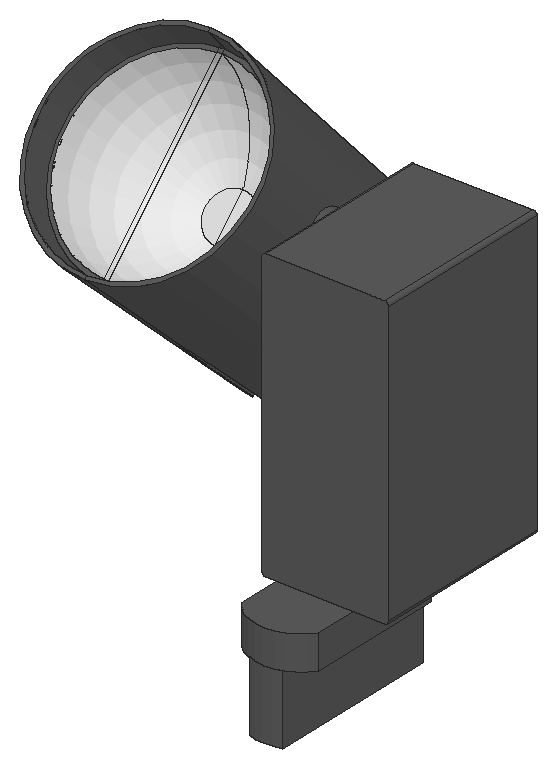
Revit family "0004849 Feilo Sylvania Lighting Fixture START TRACK SPOT S 14W 4K RA80 WB BLACK", category Lighting Fixtures, host Face, Revit 2017 (continued)
Definition of nested family "Start Track Spot Head"
  Types (96, lengths in mm): name | Wattage | built-in parameter 1150134 | Photometric Web File | Model | built-in parameter 1150105 | Lumens | built-in parameter 1150107 | built-in parameter 1150106 | HeadThickness_FEILO | HeadRibOffset_FEILO | HeadRibDepth_FEILO | HeadRibCutWidth_FEILO | HeadRibCutOffset_FEILO | HeadReflectorRadius_FEILO | HeadReflectorOffset_FEILO | HeadLEDRadius_FEILO | HeadHeight_FEILO | HeadDiffusorOffset_FEILO | HeadDiaOut_FEILO | HeadDiaIn_FEILO | HeadAxisFromTop_FEILO | Emit from Circle Diameter | built-in parameter 1150104 | Description | Apparent Load
    0004864 START TRACK SPOT S 24W 3K RA90 WB WHITE | 24 W | (empty or 0) | "0004864.ies" | "START TRACK SPOT S 24W 3K RA90 WB WHITE" | 152.79 (stored number, unit not read) | 1920 lm | 3000 (stored number, unit not read) | 1.5279 (stored number, unit not read) | 1.5 | 4.179 | 55.714 | 7.167 | 50.87 | 50.588 | 55.714 | 9.556 | 117 | 9.435 | 86 | 77.477 | 69.354 | 77.477 | 7.4322 (stored number, unit not read) | "Integrated LED spotlight, Textured White - RAL9016, compact and minimalist design, ideal for retail applications, die-cast aluminium body, passive cooling heatsink. Beam angle: 64°, color temperature: 3000K , total system power: 24W, total fixture output: 1928 lm, LOR: 100%, colour rendering: Ra: 90 typical, LED Chromaticity: 3 step MacAdam ellipse, lifetime: >50000 hours at L70B50, energy class: A++, A+, A, IR/UV free light source without heat radiation, operating voltage: 220-240V / 50-60Hz, drive current: 600mA, electronic driver, non-dimmable, power factor: 0.95, electrical protection: Class II, Global Track 3 Phase adapter suitable for Global trac 3-circuit tracks, ingress protection rating: IP20, suitable for internal environment only, horizontal rotation: 355°, vertical tilt: 90°, dimensions: Ø86x140x200, weight: 0.966kg." | 24 VA
    0004863 START TRACK SPOT S 24W 3K RA90 MB WHITE | 24 W | (empty or 0) | "0004863.ies" | "START TRACK SPOT S 24W 3K RA90 MB WHITE" | 154.7 (stored number, unit not read) | 1944 lm | 3000 (stored number, unit not read) | 1.547 (stored number, unit not read) | 1.5 | 4.179 | 55.714 | 7.167 | 50.87 | 50.588 | 55.714 | 9.556 | 117 | 9.435 | 86 | 77.477 | 69.354 | 77.477 | 7.5251 (stored number, unit not read) | "Integrated LED spotlight, Textured White - RAL9016, compact and minimalist design, ideal for retail applications, die-cast aluminium body, passive cooling heatsink. Beam angle: 36°, color temperature: 3000K , total system power: 24W, total fixture output: 1944 lm, LOR: 100%, colour rendering: Ra: 90 typical, LED Chromaticity: 3 step MacAdam ellipse, lifetime: >50000 hours at L70B50, energy class: A++, A+, A, IR/UV free light source without heat radiation, operating voltage: 220-240V / 50-60Hz, drive current: 600mA, electronic driver, non-dimmable, power factor: 0.95, electrical protection: Class II, Global Track 3 Phase adapter suitable for Global trac 3-circuit tracks, ingress protection rating: IP20, suitable for internal environment only, horizontal rotation: 355°, vertical tilt: 90°, dimensions: Ø86x140x200, weight: 0.966kg." | 24 VA
    0004862 START TRACK SPOT S 24W 3K RA90 NB WHITE | 24 W | (empty or 0) | "0004862.ies" | "START TRACK SPOT S 24W 3K RA90 NB WHITE" | 158.52 (stored number, unit not read) | 1992 lm | 3000 (stored number, unit not read) | 1.5852 (stored number, unit not read) | 1.5 | 4.179 | 55.714 | 7.167 | 50.87 | 50.588 | 55.714 | 9.556 | 117 | 9.435 | 86 | 77.477 | 69.354 | 77.477 | 7.711 (stored number, unit not read) | "Integrated LED spotlight, Textured White - RAL9016, compact and minimalist design, ideal for retail applications, die-cast aluminium body, passive cooling heatsink. Beam angle: 12°, color temperature: 3000K , total system power: 24W, total fixture output: 1987 lm, LOR: 100%, colour rendering: Ra: 90 typical, LED Chromaticity: 3 step MacAdam ellipse, lifetime: >50000 hours at L70B50, energy class: A++, A+, A, IR/UV free light source without heat radiation, operating voltage: 220-240V / 50-60Hz, drive current: 600mA, electronic driver, non-dimmable, power factor: 0.95, electrical protection: Class II, Global Track 3 Phase adapter suitable for Global trac 3-circuit tracks, ingress protection rating: IP20, suitable for internal environment only, horizontal rotation: 355°, vertical tilt: 90°, dimensions: Ø86x140x200, weight: 0.966kg." | 24 VA
    0004861 START TRACK SPOT S 14W 3K RA90 WB WHITE | 14 W | (empty or 0) | "0004861.ies" | "START TRACK SPOT S 14W 3K RA90 WB WHITE" | 100.27 (stored number, unit not read) | 1260 lm | 3000 (stored number, unit not read) | 1.0027 (stored number, unit not read) | 1.5 | 4.179 | 55.714 | 7.167 | 50.87 | 50.588 | 55.714 | 9.556 | 117 | 9.435 | 86 | 77.477 | 69.354 | 77.477 | 8.3613 (stored number, unit not read) | "Integrated LED spotlight, Textured White - RAL9016, compact and minimalist design, ideal for retail applications, die-cast aluminium body, passive cooling heatsink. Beam angle: 64°, color temperature: 3000K , total system power: 14W, total fixture output: 1262 lm, LOR: 100%, colour rendering: Ra: 90 typical, LED Chromaticity: 3 step MacAdam ellipse, lifetime: >50000 hours at L70B50, energy class: A++, A+, A, IR/UV free light source without heat radiation, operating voltage: 220-240V / 50-60Hz, drive current: 350mA, electronic driver, non-dimmable, power factor: 0.92, electrical protection: Class II, Global Track 3 Phase adapter suitable for Global trac 3-circuit tracks, ingress protection rating: IP20, suitable for internal environment only, horizontal rotation: 355°, vertical tilt: 90°, dimensions: Ø86x140x200, weight: 0.940kg." | 14 VA
    0004860 START TRACK SPOT S 14W 3K RA90 MB WHITE | 14 W | (empty or 0) | "0004860.ies" | "START TRACK SPOT S 14W 3K RA90 MB WHITE" | 100.27 (stored number, unit not read) | 1260 lm | 3000 (stored number, unit not read) | 1.0027 (stored number, unit not read) | 1.5 | 4.179 | 55.714 | 7.167 | 50.87 | 50.588 | 55.714 | 9.556 | 117 | 9.435 | 86 | 77.477 | 69.354 | 77.477 | 8.3613 (stored number, unit not read) | "Integrated LED spotlight, Textured White - RAL9016, compact and minimalist design, ideal for retail applications, die-cast aluminium body, passive cooling heatsink. Beam angle: 36°, color temperature: 3000K , total system power: 14W, total fixture output: 1262 lm, LOR: 100%, colour rendering: Ra: 90 typical, LED Chromaticity: 3 step MacAdam ellipse, lifetime: >50000 hours at L70B50, energy class: A++, A+, A, IR/UV free light source without heat radiation, operating voltage: 220-240V / 50-60Hz, drive current: 350mA, electronic driver, non-dimmable, power factor: 0.92, electrical protection: Class II, Global Track 3 Phase adapter suitable for Global trac 3-circuit tracks, ingress protection rating: IP20, suitable for internal environment only, horizontal rotation: 355°, vertical tilt: 90°, dimensions: Ø86x140x200, weight: 0.940kg." | 14 VA
    0004859 START TRACK SPOT S 14W 3K RA90 NB WHITE | 14 W | (empty or 0) | "0004859.ies" | "START TRACK SPOT S 14W 3K RA90 NB WHITE" | 102.5 (stored number, unit not read) | 1288 lm | 3000 (stored number, unit not read) | 1.025 (stored number, unit not read) | 1.5 | 4.179 | 55.714 | 7.167 | 50.87 | 50.588 | 55.714 | 9.556 | 117 | 9.435 | 86 | 77.477 | 69.354 | 77.477 | 8.5471 (stored number, unit not read) | "Integrated LED spotlight, Textured White - RAL9016, compact and minimalist design, ideal for retail applications, die-cast aluminium body, passive cooling heatsink. Beam angle: 12°, color temperature: 3000K , total system power: 14W, total fixture output: 1284 lm, LOR: 100%, colour rendering: Ra: 90 typical, LED Chromaticity: 3 step MacAdam ellipse, lifetime: >50000 hours at L70B50, energy class: A++, A+, A, IR/UV free light source without heat radiation, operating voltage: 220-240V / 50-60Hz, drive current: 350mA, electronic driver, non-dimmable, power factor: 0.92, electrical protection: Class II, Global Track 3 Phase adapter suitable for Global trac 3-circuit tracks, ingress protection rating: IP20, suitable for internal environment only, horizontal rotation: 355°, vertical tilt: 90°, dimensions: Ø86x140x200, weight: 0.940kg." | 14 VA
    0004858 START TRACK SPOT L 55W 4K RA80 WB BLACK | 55 W | 12 | "0004858.ies" | "START TRACK SPOT L 55W 4K RA80 WB BLACK" | 424.55 (stored number, unit not read) | 5335 lm | 4000 (stored number, unit not read) | 4.2455 (stored number, unit not read) | 2 | 4.429 | 59.048 | 9.417 | 53.913 | 66.471 | 59.048 | 12.556 | 124 | 10 | 113 | 101.802 | 73.503 | 101.802 | 9.0116 (stored number, unit not read) | "Integrated LED spotlight, Textured Black - RAL9005, compact and minimalist design, ideal for retail applications, die-cast aluminium body, passive cooling heatsink. Beam angle: 52°, color temperature: 4000K , total system power: 55W, total fixture output: 5320 lm, LOR: 100%, colour rendering: Ra: 80 typical, LED Chromaticity: 3 step MacAdam ellipse, lifetime: >50000 hours at L70B50, energy class: A++, A+, A, IR/UV free light source without heat radiation, operating voltage: 220-240V / 50-60Hz, drive current: 1400mA, electronic driver, non-dimmable, power factor: 0.96, electrical protection: Class II, Global Track 3 Phase adapter suitable for Global trac 3-circuit tracks, ingress protection rating: IP20, suitable for internal environment only, horizontal rotation: 355°, vertical tilt: 90°, dimensions: Ø113x164x240, weight: 1.398kg." | 55 VA
    0004857 START TRACK SPOT L 55W 4K RA80 MB BLACK | 55 W | 12 | "0004857.ies" | "START TRACK SPOT L 55W 4K RA80 MB BLACK" | 428.92 (stored number, unit not read) | 5390 lm | 4000 (stored number, unit not read) | 4.2892 (stored number, unit not read) | 2 | 4.429 | 59.048 | 9.417 | 53.913 | 66.471 | 59.048 | 12.556 | 124 | 10 | 113 | 101.802 | 73.503 | 101.802 | 9.1045 (stored number, unit not read) | "Integrated LED spotlight, Textured Black - RAL9005, compact and minimalist design, ideal for retail applications, die-cast aluminium body, passive cooling heatsink. Beam angle: 38°, color temperature: 4000K , total system power: 55W, total fixture output: 5378 lm, LOR: 100%, colour rendering: Ra: 80 typical, LED Chromaticity: 3 step MacAdam ellipse, lifetime: >50000 hours at L70B50, energy class: A++, A+, A, IR/UV free light source without heat radiation, operating voltage: 220-240V / 50-60Hz, drive current: 1400mA, electronic driver, non-dimmable, power factor: 0.96, electrical protection: Class II, Global Track 3 Phase adapter suitable for Global trac 3-circuit tracks, ingress protection rating: IP20, suitable for internal environment only, horizontal rotation: 355°, vertical tilt: 90°, dimensions: Ø113x164x240, weight: 1.398kg." | 55 VA
    0004856 START TRACK SPOT L 55W 4K RA80 NB BLACK | 55 W | 12 | "0004856.ies" | "START TRACK SPOT L 55W 4K RA80 NB BLACK" | 433.3 (stored number, unit not read) | 5445 lm | 4000 (stored number, unit not read) | 4.333 (stored number, unit not read) | 2 | 4.429 | 59.048 | 9.417 | 53.913 | 66.471 | 59.048 | 12.556 | 124 | 10 | 113 | 101.802 | 73.503 | 101.802 | 9.1974 (stored number, unit not read) | "Integrated LED spotlight, Textured Black - RAL9005, compact and minimalist design, ideal for retail applications, die-cast aluminium body, passive cooling heatsink. Beam angle: 15°, color temperature: 4000K , total system power: 55W, total fixture output: 5426 lm, LOR: 100%, colour rendering: Ra: 80 typical, LED Chromaticity: 3 step MacAdam ellipse, lifetime: >50000 hours at L70B50, energy class: A++, A+, A, IR/UV free light source without heat radiation, operating voltage: 220-240V / 50-60Hz, drive current: 1400mA, electronic driver, non-dimmable, power factor: 0.96, electrical protection: Class II, Global Track 3 Phase adapter suitable for Global trac 3-circuit tracks, ingress protection rating: IP20, suitable for internal environment only, horizontal rotation: 355°, vertical tilt: 90°, dimensions: Ø113x164x240, weight: 1.398kg." | 55 VA
    0004855 START TRACK SPOT L 35W 4K RA80 WB BLACK | 35 W | 12 | "0004855.ies" | "START TRACK SPOT L 35W 4K RA80 WB BLACK" | 320.3 (stored number, unit not read) | 4025 lm | 4000 (stored number, unit not read) | 3.203 (stored number, unit not read) | 2 | 4.429 | 59.048 | 9.417 | 53.913 | 66.471 | 59.048 | 12.556 | 124 | 10 | 113 | 101.802 | 73.503 | 101.802 | 10.684 (stored number, unit not read) | "Integrated LED spotlight, Textured Black - RAL9005, compact and minimalist design, ideal for retail applications, die-cast aluminium body, passive cooling heatsink. Beam angle: 52°, color temperature: 4000K , total system power: 35W, total fixture output: 4010 lm, LOR: 100%, colour rendering: Ra: 80 typical, LED Chromaticity: 3 step MacAdam ellipse, lifetime: >50000 hours at L70B50, energy class: A++, A+, A, IR/UV free light source without heat radiation, operating voltage: 220-240V / 50-60Hz, drive current: 900mA, electronic driver, non-dimmable, power factor: 0.93, electrical protection: Class II, Global Track 3 Phase adapter suitable for Global trac 3-circuit tracks, ingress protection rating: IP20, suitable for internal environment only, horizontal rotation: 355°, vertical tilt: 90°, dimensions: Ø113x164x240, weight: 1.368kg." | 35 VA
    0004854 START TRACK SPOT L 35W 4K RA80 MB BLACK | 35 W | 12 | "0004854.ies" | "START TRACK SPOT L 35W 4K RA80 MB BLACK" | 320.3 (stored number, unit not read) | 4025 lm | 4000 (stored number, unit not read) | 3.203 (stored number, unit not read) | 2 | 4.429 | 59.048 | 9.417 | 53.913 | 66.471 | 59.048 | 12.556 | 124 | 10 | 113 | 101.802 | 73.503 | 101.802 | 10.684 (stored number, unit not read) | "Integrated LED spotlight, Textured Black - RAL9005, compact and minimalist design, ideal for retail applications, die-cast aluminium body, passive cooling heatsink. Beam angle: 38°, color temperature: 4000K , total system power: 35W, total fixture output: 4017 lm, LOR: 100%, colour rendering: Ra: 80 typical, LED Chromaticity: 3 step MacAdam ellipse, lifetime: >50000 hours at L70B50, energy class: A++, A+, A, IR/UV free light source without heat radiation, operating voltage: 220-240V / 50-60Hz, drive current: 900mA, electronic driver, non-dimmable, power factor: 0.93, electrical protection: Class II, Global Track 3 Phase adapter suitable for Global trac 3-circuit tracks, ingress protection rating: IP20, suitable for internal environment only, horizontal rotation: 355°, vertical tilt: 90°, dimensions: Ø113x164x240, weight: 1.368kg." | 35 VA
    0004853 START TRACK SPOT L 35W 4K RA80 NB BLACK | 35 W | 12 | "0004853.ies" | "START TRACK SPOT L 35W 4K RA80 NB BLACK" | 331.44 (stored number, unit not read) | 4165 lm | 4000 (stored number, unit not read) | 3.3144 (stored number, unit not read) | 2 | 4.429 | 59.048 | 9.417 | 53.913 | 66.471 | 59.048 | 12.556 | 124 | 10 | 113 | 101.802 | 73.503 | 101.802 | 11.055 (stored number, unit not read) | "Integrated LED spotlight, Textured Black - RAL9005, compact and minimalist design, ideal for retail applications, die-cast aluminium body, passive cooling heatsink. Beam angle: 15°, color temperature: 4000K , total system power: 35W, total fixture output: 4174 lm, LOR: 100%, colour rendering: Ra: 80 typical, LED Chromaticity: 3 step MacAdam ellipse, lifetime: >50000 hours at L70B50, energy class: A++, A+, A, IR/UV free light source without heat radiation, operating voltage: 220-240V / 50-60Hz, drive current: 900mA, electronic driver, non-dimmable, power factor: 0.93, electrical protection: Class II, Global Track 3 Phase adapter suitable for Global trac 3-circuit tracks, ingress protection rating: IP20, suitable for internal environment only, horizontal rotation: 355°, vertical tilt: 90°, dimensions: Ø113x164x240, weight: 1.368kg." | 35 VA
    0004852 START TRACK SPOT S 24W 4K RA80 WB BLACK | 24 W | 12 | "0004852.ies" | "START TRACK SPOT S 24W 4K RA80 WB BLACK" | 196.72 (stored number, unit not read) | 2472 lm | 4000 (stored number, unit not read) | 1.9672 (stored number, unit not read) | 1.5 | 4.179 | 55.714 | 7.167 | 50.87 | 50.588 | 55.714 | 9.556 | 117 | 9.435 | 86 | 77.477 | 69.354 | 77.477 | 9.569 (stored number, unit not read) | "Integrated LED spotlight, Textured Black - RAL9005, compact and minimalist design, ideal for retail applications, die-cast aluminium body, passive cooling heatsink. Beam angle: 64°, color temperature: 4000K , total system power: 24W, total fixture output: 2476 lm, LOR: 100%, colour rendering: Ra: 80 typical, LED Chromaticity: 3 step MacAdam ellipse, lifetime: >50000 hours at L70B50, energy class: A++, A+, A, IR/UV free light source without heat radiation, operating voltage: 220-240V / 50-60Hz, drive current: 600mA, electronic driver, non-dimmable, power factor: 0.95, electrical protection: Class II, Global Track 3 Phase adapter suitable for Global trac 3-circuit tracks, ingress protection rating: IP20, suitable for internal environment only, horizontal rotation: 355°, vertical tilt: 90°, dimensions: Ø86x140x200, weight: 0.966kg." | 24 VA
    0004851 START TRACK SPOT S 24W 4K RA80 MB BLACK | 24 W | 12 | "0004851.ies" | "START TRACK SPOT S 24W 4K RA80 MB BLACK" | 198.63 (stored number, unit not read) | 2496 lm | 4000 (stored number, unit not read) | 1.9863 (stored number, unit not read) | 1.5 | 4.179 | 55.714 | 7.167 | 50.87 | 50.588 | 55.714 | 9.556 | 117 | 9.435 | 86 | 77.477 | 69.354 | 77.477 | 9.6619 (stored number, unit not read) | "Integrated LED spotlight, Textured Black - RAL9005, compact and minimalist design, ideal for retail applications, die-cast aluminium body, passive cooling heatsink. Beam angle: 36°, color temperature: 4000K , total system power: 24W, total fixture output: 2487 lm, LOR: 100%, colour rendering: Ra: 80 typical, LED Chromaticity: 3 step MacAdam ellipse, lifetime: >50000 hours at L70B50, energy class: A++, A+, A, IR/UV free light source without heat radiation, operating voltage: 220-240V / 50-60Hz, drive current: 600mA, electronic driver, non-dimmable, power factor: 0.95, electrical protection: Class II, Global Track 3 Phase adapter suitable for Global trac 3-circuit tracks, ingress protection rating: IP20, suitable for internal environment only, horizontal rotation: 355°, vertical tilt: 90°, dimensions: Ø86x140x200, weight: 0.966kg." | 24 VA
    0004850 START TRACK SPOT S 24W 4K RA80 NB BLACK | 24 W | 12 | "0004850.ies" | "START TRACK SPOT S 24W 4K RA80 NB BLACK" | 200.54 (stored number, unit not read) | 2520 lm | 4000 (stored number, unit not read) | 2.0054 (stored number, unit not read) | 1.5 | 4.179 | 55.714 | 7.167 | 50.87 | 50.588 | 55.714 | 9.556 | 117 | 9.435 | 86 | 77.477 | 69.354 | 77.477 | 9.7548 (stored number, unit not read) | "Integrated LED spotlight, Textured Black - RAL9005, compact and minimalist design, ideal for retail applications, die-cast aluminium body, passive cooling heatsink. Beam angle: 12°, color temperature: 4000K , total system power: 24W, total fixture output: 2529 lm, LOR: 100%, colour rendering: Ra: 80 typical, LED Chromaticity: 3 step MacAdam ellipse, lifetime: >50000 hours at L70B50, energy class: A++, A+, A, IR/UV free light source without heat radiation, operating voltage: 220-240V / 50-60Hz, drive current: 600mA, electronic driver, non-dimmable, power factor: 0.95, electrical protection: Class II, Global Track 3 Phase adapter suitable for Global trac 3-circuit tracks, ingress protection rating: IP20, suitable for internal environment only, horizontal rotation: 355°, vertical tilt: 90°, dimensions: Ø86x140x200, weight: 0.966kg." | 24 VA
    0004849 START TRACK SPOT S 14W 4K RA80 WB BLACK | 14 W | 12 | "0004849.ies" | "START TRACK SPOT S 14W 4K RA80 WB BLACK" | 123.66 (stored number, unit not read) | 1554 lm | 4000 (stored number, unit not read) | 1.2366 (stored number, unit not read) | 1.5 | 4.179 | 55.714 | 7.167 | 50.87 | 50.588 | 55.714 | 9.556 | 117 | 9.435 | 86 | 77.477 | 69.354 | 77.477 | 10.312 (stored number, unit not read) | "Integrated LED spotlight, Textured Black - RAL9005, compact and minimalist design, ideal for retail applications, die-cast aluminium body, passive cooling heatsink. Beam angle: 64°, color temperature: 4000K , total system power: 14W, total fixture output: 1558 lm, LOR: 100%, colour rendering: Ra: 80 typical, LED Chromaticity: 3 step MacAdam ellipse, lifetime: >50000 hours at L70B50, energy class: A++, A+, A, IR/UV free light source without heat radiation, operating voltage: 220-240V / 50-60Hz, drive current: 350mA, electronic driver, non-dimmable, power factor: 0.92, electrical protection: Class II, Global Track 3 Phase adapter suitable for Global trac 3-circuit tracks, ingress protection rating: IP20, suitable for internal environment only, horizontal rotation: 355°, vertical tilt: 90°, dimensions: Ø86x140x200, weight: 0.940kg." | 14 VA
    0004848 START TRACK SPOT S 14W 4K RA80 MB BLACK | 14 W | 12 | "0004848.ies" | "START TRACK SPOT S 14W 4K RA80 MB BLACK" | 127.01 (stored number, unit not read) | 1596 lm | 4000 (stored number, unit not read) | 1.2701 (stored number, unit not read) | 1.5 | 4.179 | 55.714 | 7.167 | 50.87 | 50.588 | 55.714 | 9.556 | 117 | 9.435 | 86 | 77.477 | 69.354 | 77.477 | 10.591 (stored number, unit not read) | "Integrated LED spotlight, Textured Black - RAL9005, compact and minimalist design, ideal for retail applications, die-cast aluminium body, passive cooling heatsink. Beam angle: 36°, color temperature: 4000K , total system power: 14W, total fixture output: 1598 lm, LOR: 100%, colour rendering: Ra: 80 typical, LED Chromaticity: 3 step MacAdam ellipse, lifetime: >50000 hours at L70B50, energy class: A++, A+, A, IR/UV free light source without heat radiation, operating voltage: 220-240V / 50-60Hz, drive current: 350mA, electronic driver, non-dimmable, power factor: 0.92, electrical protection: Class II, Global Track 3 Phase adapter suitable for Global trac 3-circuit tracks, ingress protection rating: IP20, suitable for internal environment only, horizontal rotation: 355°, vertical tilt: 90°, dimensions: Ø86x140x200, weight: 0.940kg." | 14 VA
    0004847 START TRACK SPOT S 14W 4K RA80 NB BLACK | 14 W | 12 | "0004847.ies" | "START TRACK SPOT S 14W 4K RA80 NB BLACK" | 128.12 (stored number, unit not read) | 1610 lm | 4000 (stored number, unit not read) | 1.2812 (stored number, unit not read) | 1.5 | 4.179 | 55.714 | 7.167 | 50.87 | 50.588 | 55.714 | 9.556 | 117 | 9.435 | 86 | 77.477 | 69.354 | 77.477 | 10.684 (stored number, unit not read) | "Integrated LED spotlight, Textured Black - RAL9005, compact and minimalist design, ideal for retail applications, die-cast aluminium body, passive cooling heatsink. Beam angle: 12°, color temperature: 4000K , total system power: 14W, total fixture output: 1608 lm, LOR: 100%, colour rendering: Ra: 80 typical, LED Chromaticity: 3 step MacAdam ellipse, lifetime: >50000 hours at L70B50, energy class: A++, A+, A, IR/UV free light source without heat radiation, operating voltage: 220-240V / 50-60Hz, drive current: 350mA, electronic driver, non-dimmable, power factor: 0.92, electrical protection: Class II, Global Track 3 Phase adapter suitable for Global trac 3-circuit tracks, ingress protection rating: IP20, suitable for internal environment only, horizontal rotation: 355°, vertical tilt: 90°, dimensions: Ø86x140x200, weight: 0.940kg." | 14 VA
    0004846 START TRACK SPOT L 55W 3K RA80 WB BLACK | 55 W | (empty or 0) | "0004846.ies" | "START TRACK SPOT L 55W 3K RA80 WB BLACK" | 420.17 (stored number, unit not read) | 5280 lm | 3000 (stored number, unit not read) | 4.2017 (stored number, unit not read) | 2 | 4.429 | 59.048 | 9.417 | 53.913 | 66.471 | 59.048 | 12.556 | 124 | 10 | 113 | 101.802 | 73.503 | 101.802 | 8.9187 (stored number, unit not read) | "Integrated LED spotlight, Textured Black - RAL9005, compact and minimalist design, ideal for retail applications, die-cast aluminium body, passive cooling heatsink. Beam angle: 52°, color temperature: 3000K , total system power: 55W, total fixture output: 5298 lm, LOR: 100%, colour rendering: Ra: 80 typical, LED Chromaticity: 3 step MacAdam ellipse, lifetime: >50000 hours at L70B50, energy class: A++, A+, A, IR/UV free light source without heat radiation, operating voltage: 220-240V / 50-60Hz, drive current: 1400mA, electronic driver, non-dimmable, power factor: 0.96, electrical protection: Class II, Global Track 3 Phase adapter suitable for Global trac 3-circuit tracks, ingress protection rating: IP20, suitable for internal environment only, horizontal rotation: 355°, vertical tilt: 90°, dimensions: Ø113x164x240, weight: 1.398kg." | 55 VA
    0004845 START TRACK SPOT L 55W 3K RA80 MB BLACK | 55 W | (empty or 0) | "0004845.ies" | "START TRACK SPOT L 55W 3K RA80 MB BLACK" | 428.92 (stored number, unit not read) | 5390 lm | 3000 (stored number, unit not read) | 4.2892 (stored number, unit not read) | 2 | 4.429 | 59.048 | 9.417 | 53.913 | 66.471 | 59.048 | 12.556 | 124 | 10 | 113 | 101.802 | 73.503 | 101.802 | 9.1045 (stored number, unit not read) | "Integrated LED spotlight, Textured Black - RAL9005, compact and minimalist design, ideal for retail applications, die-cast aluminium body, passive cooling heatsink. Beam angle: 38°, color temperature: 3000K , total system power: 55W, total fixture output: 5381 lm, LOR: 100%, colour rendering: Ra: 80 typical, LED Chromaticity: 3 step MacAdam ellipse, lifetime: >50000 hours at L70B50, energy class: A++, A+, A, IR/UV free light source without heat radiation, operating voltage: 220-240V / 50-60Hz, drive current: 1400mA, electronic driver, non-dimmable, power factor: 0.96, electrical protection: Class II, Global Track 3 Phase adapter suitable for Global trac 3-circuit tracks, ingress protection rating: IP20, suitable for internal environment only, horizontal rotation: 355°, vertical tilt: 90°, dimensions: Ø113x164x240, weight: 1.398kg." | 55 VA
    0004844 START TRACK SPOT L 55W 3K RA80 NB BLACK | 55 W | (empty or 0) | "0004844.ies" | "START TRACK SPOT L 55W 3K RA80 NB BLACK" | 433.3 (stored number, unit not read) | 5445 lm | 3000 (stored number, unit not read) | 4.333 (stored number, unit not read) | 2 | 4.429 | 59.048 | 9.417 | 53.913 | 66.471 | 59.048 | 12.556 | 124 | 10 | 113 | 101.802 | 73.503 | 101.802 | 9.1974 (stored number, unit not read) | "Integrated LED spotlight, Textured Black - RAL9005, compact and minimalist design, ideal for retail applications, die-cast aluminium body, passive cooling heatsink. Beam angle: 15°, color temperature: 3000K , total system power: 55W, total fixture output: 5449 lm, LOR: 100%, colour rendering: Ra: 80 typical, LED Chromaticity: 3 step MacAdam ellipse, lifetime: >50000 hours at L70B50, energy class: A++, A+, A, IR/UV free light source without heat radiation, operating voltage: 220-240V / 50-60Hz, drive current: 1400mA, electronic driver, non-dimmable, power factor: 0.96, electrical protection: Class II, Global Track 3 Phase adapter suitable for Global trac 3-circuit tracks, ingress protection rating: IP20, suitable for internal environment only, horizontal rotation: 355°, vertical tilt: 90°, dimensions: Ø113x164x240, weight: 1.398kg." | 55 VA
    0004843 START TRACK SPOT L 35W 3K RA80 WB BLACK | 35 W | (empty or 0) | "0004843.ies" | "START TRACK SPOT L 35W 3K RA80 WB BLACK" | 314.73 (stored number, unit not read) | 3955 lm | 3000 (stored number, unit not read) | 3.1473 (stored number, unit not read) | 2 | 4.429 | 59.048 | 9.417 | 53.913 | 66.471 | 59.048 | 12.556 | 124 | 10 | 113 | 101.802 | 73.503 | 101.802 | 10.498 (stored number, unit not read) | "Integrated LED spotlight, Textured Black - RAL9005, compact and minimalist design, ideal for retail applications, die-cast aluminium body, passive cooling heatsink. Beam angle: 52°, color temperature: 3000K , total system power: 35W, total fixture output: 3943 lm, LOR: 100%, colour rendering: Ra: 80 typical, LED Chromaticity: 3 step MacAdam ellipse, lifetime: >50000 hours at L70B50, energy class: A++, A+, A, IR/UV free light source without heat radiation, operating voltage: 220-240V / 50-60Hz, drive current: 900mA, electronic driver, non-dimmable, power factor: 0.93, electrical protection: Class II, Global Track 3 Phase adapter suitable for Global trac 3-circuit tracks, ingress protection rating: IP20, suitable for internal environment only, horizontal rotation: 355°, vertical tilt: 90°, dimensions: Ø113x164x240, weight: 1.368kg." | 35 VA
    0004842 START TRACK SPOT L 35W 3K RA80 MB BLACK | 35 W | (empty or 0) | "0004842.ies" | "START TRACK SPOT L 35W 3K RA80 MB BLACK" | 320.3 (stored number, unit not read) | 4025 lm | 3000 (stored number, unit not read) | 3.203 (stored number, unit not read) | 2 | 4.429 | 59.048 | 9.417 | 53.913 | 66.471 | 59.048 | 12.556 | 124 | 10 | 113 | 101.802 | 73.503 | 101.802 | 10.684 (stored number, unit not read) | "Integrated LED spotlight, Textured Black - RAL9005, compact and minimalist design, ideal for retail applications, die-cast aluminium body, passive cooling heatsink. Beam angle: 38°, color temperature: 3000K , total system power: 35W, total fixture output: 4008 lm, LOR: 100%, colour rendering: Ra: 80 typical, LED Chromaticity: 3 step MacAdam ellipse, lifetime: >50000 hours at L70B50, energy class: A++, A+, A, IR/UV free light source without heat radiation, operating voltage: 220-240V / 50-60Hz, drive current: 900mA, electronic driver, non-dimmable, power factor: 0.93, electrical protection: Class II, Global Track 3 Phase adapter suitable for Global trac 3-circuit tracks, ingress protection rating: IP20, suitable for internal environment only, horizontal rotation: 355°, vertical tilt: 90°, dimensions: Ø113x164x240, weight: 1.368kg." | 35 VA
    0004841 START TRACK SPOT L 35W 3K RA80 NB BLACK | 35 W | (empty or 0) | "0004841.ies" | "START TRACK SPOT L 35W 3K RA80 NB BLACK" | 317.51 (stored number, unit not read) | 3990 lm | 3000 (stored number, unit not read) | 3.1751 (stored number, unit not read) | 2 | 4.429 | 59.048 | 9.417 | 53.913 | 66.471 | 59.048 | 12.556 | 124 | 10 | 113 | 101.802 | 73.503 | 101.802 | 10.591 (stored number, unit not read) | "Integrated LED spotlight, Textured Black - RAL9005, compact and minimalist design, ideal for retail applications, die-cast aluminium body, passive cooling heatsink. Beam angle: 15°, color temperature: 3000K , total system power: 35W, total fixture output: 4005 lm, LOR: 100%, colour rendering: Ra: 80 typical, LED Chromaticity: 3 step MacAdam ellipse, lifetime: >50000 hours at L70B50, energy class: A++, A+, A, IR/UV free light source without heat radiation, operating voltage: 220-240V / 50-60Hz, drive current: 900mA, electronic driver, non-dimmable, power factor: 0.93, electrical protection: Class II, Global Track 3 Phase adapter suitable for Global trac 3-circuit tracks, ingress protection rating: IP20, suitable for internal environment only, horizontal rotation: 355°, vertical tilt: 90°, dimensions: Ø113x164x240, weight: 1.368kg." | 35 VA
    0004840 START TRACK SPOT S 24W 3K RA80 WB BLACK | 24 W | (empty or 0) | "0004840.ies" | "START TRACK SPOT S 24W 3K RA80 WB BLACK" | 185.26 (stored number, unit not read) | 2328 lm | 3000 (stored number, unit not read) | 1.8526 (stored number, unit not read) | 1.5 | 4.179 | 55.714 | 7.167 | 50.87 | 50.588 | 55.714 | 9.556 | 117 | 9.435 | 86 | 77.477 | 69.354 | 77.477 | 9.0116 (stored number, unit not read) | "Integrated LED spotlight, Textured Black - RAL9005, compact and minimalist design, ideal for retail applications, die-cast aluminium body, passive cooling heatsink. Beam angle: 64°, color temperature: 3000K , total system power: 24W, total fixture output: 2318 lm, LOR: 100%, colour rendering: Ra: 80 typical, LED Chromaticity: 3 step MacAdam ellipse, lifetime: >50000 hours at L70B50, energy class: A++, A+, A, IR/UV free light source without heat radiation, operating voltage: 220-240V / 50-60Hz, drive current: 600mA, electronic driver, non-dimmable, power factor: 0.95, electrical protection: Class II, Global Track 3 Phase adapter suitable for Global trac 3-circuit tracks, ingress protection rating: IP20, suitable for internal environment only, horizontal rotation: 355°, vertical tilt: 90°, dimensions: Ø86x140x200, weight: 0.966kg." | 24 VA
    0004839 START TRACK SPOT S 24W 3K RA80 MB BLACK | 24 W | (empty or 0) | "0004839.ies" | "START TRACK SPOT S 24W 3K RA80 MB BLACK" | 183.35 (stored number, unit not read) | 2304 lm | 3000 (stored number, unit not read) | 1.8335 (stored number, unit not read) | 1.5 | 4.179 | 55.714 | 7.167 | 50.87 | 50.588 | 55.714 | 9.556 | 117 | 9.435 | 86 | 77.477 | 69.354 | 77.477 | 8.9187 (stored number, unit not read) | "Integrated LED spotlight, Textured Black - RAL9005, compact and minimalist design, ideal for retail applications, die-cast aluminium body, passive cooling heatsink. Beam angle: 36°, color temperature: 3000K , total system power: 24W, total fixture output: 2314 lm, LOR: 100%, colour rendering: Ra: 80 typical, LED Chromaticity: 3 step MacAdam ellipse, lifetime: >50000 hours at L70B50, energy class: A++, A+, A, IR/UV free light source without heat radiation, operating voltage: 220-240V / 50-60Hz, drive current: 600mA, electronic driver, non-dimmable, power factor: 0.95, electrical protection: Class II, Global Track 3 Phase adapter suitable for Global trac 3-circuit tracks, ingress protection rating: IP20, suitable for internal environment only, horizontal rotation: 355°, vertical tilt: 90°, dimensions: Ø86x140x200, weight: 0.966kg." | 24 VA
    0004838 START TRACK SPOT S 24W 3K RA80 NB BLACK | 24 W | (empty or 0) | "0004838.ies" | "START TRACK SPOT S 24W 3K RA80 NB BLACK" | 185.26 (stored number, unit not read) | 2328 lm | 3000 (stored number, unit not read) | 1.8526 (stored number, unit not read) | 1.5 | 4.179 | 55.714 | 7.167 | 50.87 | 50.588 | 55.714 | 9.556 | 117 | 9.435 | 86 | 77.477 | 69.354 | 77.477 | 9.0116 (stored number, unit not read) | "Integrated LED spotlight, Textured Black - RAL9005, compact and minimalist design, ideal for retail applications, die-cast aluminium body, passive cooling heatsink. Beam angle: 12°, color temperature: 3000K , total system power: 24W, total fixture output: 2334 lm, LOR: 100%, colour rendering: Ra: 80 typical, LED Chromaticity: 3 step MacAdam ellipse, lifetime: >50000 hours at L70B50, energy class: A++, A+, A, IR/UV free light source without heat radiation, operating voltage: 220-240V / 50-60Hz, drive current: 600mA, electronic driver, non-dimmable, power factor: 0.95, electrical protection: Class II, Global Track 3 Phase adapter suitable for Global trac 3-circuit tracks, ingress protection rating: IP20, suitable for internal environment only, horizontal rotation: 355°, vertical tilt: 90°, dimensions: Ø86x140x200, weight: 0.966kg." | 24 VA
    0004837 START TRACK SPOT S 14W 3K RA80 WB BLACK | 14 W | (empty or 0) | "0004837.ies" | "START TRACK SPOT S 14W 3K RA80 WB BLACK" | 119.21 (stored number, unit not read) | 1498 lm | 3000 (stored number, unit not read) | 1.1921 (stored number, unit not read) | 1.5 | 4.179 | 55.714 | 7.167 | 50.87 | 50.588 | 55.714 | 9.556 | 117 | 9.435 | 86 | 77.477 | 69.354 | 77.477 | 9.9406 (stored number, unit not read) | "Integrated LED spotlight, Textured Black - RAL9005, compact and minimalist design, ideal for retail applications, die-cast aluminium body, passive cooling heatsink. Beam angle: 64°, color temperature: 3000K , total system power: 14W, total fixture output: 1498 lm, LOR: 100%, colour rendering: Ra: 80 typical, LED Chromaticity: 3 step MacAdam ellipse, lifetime: >50000 hours at L70B50, energy class: A++, A+, A, IR/UV free light source without heat radiation, operating voltage: 220-240V / 50-60Hz, drive current: 350mA, electronic driver, non-dimmable, power factor: 0.92, electrical protection: Class II, Global Track 3 Phase adapter suitable for Global trac 3-circuit tracks, ingress protection rating: IP20, suitable for internal environment only, horizontal rotation: 355°, vertical tilt: 90°, dimensions: Ø86x140x200, weight: 0.940kg." | 14 VA
    0004836 START TRACK SPOT S 14W 3K RA80 MB BLACK | 14 W | (empty or 0) | "0004836.ies" | "START TRACK SPOT S 14W 3K RA80 MB BLACK" | 120.32 (stored number, unit not read) | 1512 lm | 3000 (stored number, unit not read) | 1.2032 (stored number, unit not read) | 1.5 | 4.179 | 55.714 | 7.167 | 50.87 | 50.588 | 55.714 | 9.556 | 117 | 9.435 | 86 | 77.477 | 69.354 | 77.477 | 10.034 (stored number, unit not read) | "Integrated LED spotlight, Textured Black - RAL9005, compact and minimalist design, ideal for retail applications, die-cast aluminium body, passive cooling heatsink. Beam angle: 36°, color temperature: 3000K , total system power: 14W, total fixture output: 1508 lm, LOR: 100%, colour rendering: Ra: 80 typical, LED Chromaticity: 3 step MacAdam ellipse, lifetime: >50000 hours at L70B50, energy class: A++, A+, A, IR/UV free light source without heat radiation, operating voltage: 220-240V / 50-60Hz, drive current: 350mA, electronic driver, non-dimmable, power factor: 0.92, electrical protection: Class II, Global Track 3 Phase adapter suitable for Global trac 3-circuit tracks, ingress protection rating: IP20, suitable for internal environment only, horizontal rotation: 355°, vertical tilt: 90°, dimensions: Ø86x140x200, weight: 0.940kg." | 14 VA
    0004835 START TRACK SPOT S 14W 3K RA80 NB BLACK | 14 W | (empty or 0) | "0004835.ies" | "START TRACK SPOT S 14W 3K RA80 NB BLACK" | 123.66 (stored number, unit not read) | 1554 lm | 3000 (stored number, unit not read) | 1.2366 (stored number, unit not read) | 1.5 | 4.179 | 55.714 | 7.167 | 50.87 | 50.588 | 55.714 | 9.556 | 117 | 9.435 | 86 | 77.477 | 69.354 | 77.477 | 10.312 (stored number, unit not read) | "Integrated LED spotlight, Textured Black - RAL9005, compact and minimalist design, ideal for retail applications, die-cast aluminium body, passive cooling heatsink. Beam angle: 12°, color temperature: 3000K , total system power: 14W, total fixture output: 1551 lm, LOR: 100%, colour rendering: Ra: 80 typical, LED Chromaticity: 3 step MacAdam ellipse, lifetime: >50000 hours at L70B50, energy class: A++, A+, A, IR/UV free light source without heat radiation, operating voltage: 220-240V / 50-60Hz, drive current: 350mA, electronic driver, non-dimmable, power factor: 0.92, electrical protection: Class II, Global Track 3 Phase adapter suitable for Global trac 3-circuit tracks, ingress protection rating: IP20, suitable for internal environment only, horizontal rotation: 355°, vertical tilt: 90°, dimensions: Ø86x140x200, weight: 0.940kg." | 14 VA
    0004834 START TRACK SPOT L 55W 4K RA80 WB WHITE | 55 W | 12 | "0004834.ies" | "START TRACK SPOT L 55W 4K RA80 WB WHITE" | 424.55 (stored number, unit not read) | 5335 lm | 4000 (stored number, unit not read) | 4.2455 (stored number, unit not read) | 2 | 4.429 | 59.048 | 9.417 | 53.913 | 66.471 | 59.048 | 12.556 | 124 | 10 | 113 | 101.802 | 73.503 | 101.802 | 9.0116 (stored number, unit not read) | "Integrated LED spotlight, Textured White - RAL9016, compact and minimalist design, ideal for retail applications, die-cast aluminium body, passive cooling heatsink. Beam angle: 52°, color temperature: 4000K , total system power: 55W, total fixture output: 5320 lm, LOR: 100%, colour rendering: Ra: 80 typical, LED Chromaticity: 3 step MacAdam ellipse, lifetime: >50000 hours at L70B50, energy class: A++, A+, A, IR/UV free light source without heat radiation, operating voltage: 220-240V / 50-60Hz, drive current: 1400mA, electronic driver, non-dimmable, power factor: 0.96, electrical protection: Class II, Global Track 3 Phase adapter suitable for Global trac 3-circuit tracks, ingress protection rating: IP20, suitable for internal environment only, horizontal rotation: 355°, vertical tilt: 90°, dimensions: Ø113x164x240, weight: 1.398kg." | 55 VA
    0004833 START TRACK SPOT L 55W 4K RA80 MB WHITE | 55 W | 12 | "0004833.ies" | "START TRACK SPOT L 55W 4K RA80 MB WHITE" | 428.92 (stored number, unit not read) | 5390 lm | 4000 (stored number, unit not read) | 4.2892 (stored number, unit not read) | 2 | 4.429 | 59.048 | 9.417 | 53.913 | 66.471 | 59.048 | 12.556 | 124 | 10 | 113 | 101.802 | 73.503 | 101.802 | 9.1045 (stored number, unit not read) | "Integrated LED spotlight, Textured White - RAL9016, compact and minimalist design, ideal for retail applications, die-cast aluminium body, passive cooling heatsink. Beam angle: 38°, color temperature: 4000K , total system power: 55W, total fixture output: 5378 lm, LOR: 100%, colour rendering: Ra: 80 typical, LED Chromaticity: 3 step MacAdam ellipse, lifetime: >50000 hours at L70B50, energy class: A++, A+, A, IR/UV free light source without heat radiation, operating voltage: 220-240V / 50-60Hz, drive current: 1400mA, electronic driver, non-dimmable, power factor: 0.96, electrical protection: Class II, Global Track 3 Phase adapter suitable for Global trac 3-circuit tracks, ingress protection rating: IP20, suitable for internal environment only, horizontal rotation: 355°, vertical tilt: 90°, dimensions: Ø113x164x240, weight: 1.398kg." | 55 VA
    0004832 START TRACK SPOT L 55W 4K RA80 NB WHITE | 55 W | 12 | "0004832.ies" | "START TRACK SPOT L 55W 4K RA80 NB WHITE" | 433.3 (stored number, unit not read) | 5445 lm | 4000 (stored number, unit not read) | 4.333 (stored number, unit not read) | 2 | 4.429 | 59.048 | 9.417 | 53.913 | 66.471 | 59.048 | 12.556 | 124 | 10 | 113 | 101.802 | 73.503 | 101.802 | 9.1974 (stored number, unit not read) | "Integrated LED spotlight, Textured White - RAL9016, compact and minimalist design, ideal for retail applications, die-cast aluminium body, passive cooling heatsink. Beam angle: 15°, color temperature: 4000K , total system power: 55W, total fixture output: 5426 lm, LOR: 100%, colour rendering: Ra: 80 typical, LED Chromaticity: 3 step MacAdam ellipse, lifetime: >50000 hours at L70B50, energy class: A++, A+, A, IR/UV free light source without heat radiation, operating voltage: 220-240V / 50-60Hz, drive current: 1400mA, electronic driver, non-dimmable, power factor: 0.96, electrical protection: Class II, Global Track 3 Phase adapter suitable for Global trac 3-circuit tracks, ingress protection rating: IP20, suitable for internal environment only, horizontal rotation: 355°, vertical tilt: 90°, dimensions: Ø113x164x240, weight: 1.398kg." | 55 VA
    0004831 START TRACK SPOT L 35W 4K RA80 WB WHITE | 35 W | 12 | "0004831.ies" | "START TRACK SPOT L 35W 4K RA80 WB WHITE" | 320.3 (stored number, unit not read) | 4025 lm | 4000 (stored number, unit not read) | 3.203 (stored number, unit not read) | 2 | 4.429 | 59.048 | 9.417 | 53.913 | 66.471 | 59.048 | 12.556 | 124 | 10 | 113 | 101.802 | 73.503 | 101.802 | 10.684 (stored number, unit not read) | "Integrated LED spotlight, Textured White - RAL9016, compact and minimalist design, ideal for retail applications, die-cast aluminium body, passive cooling heatsink. Beam angle: 52°, color temperature: 4000K , total system power: 35W, total fixture output: 4010 lm, LOR: 100%, colour rendering: Ra: 80 typical, LED Chromaticity: 3 step MacAdam ellipse, lifetime: >50000 hours at L70B50, energy class: A++, A+, A, IR/UV free light source without heat radiation, operating voltage: 220-240V / 50-60Hz, drive current: 900mA, electronic driver, non-dimmable, power factor: 0.93, electrical protection: Class II, Global Track 3 Phase adapter suitable for Global trac 3-circuit tracks, ingress protection rating: IP20, suitable for internal environment only, horizontal rotation: 355°, vertical tilt: 90°, dimensions: Ø113x164x240, weight: 1.368kg." | 35 VA
    0004830 START TRACK SPOT L 35W 4K RA80 MB WHITE | 35 W | 12 | "0004830.ies" | "START TRACK SPOT L 35W 4K RA80 MB WHITE" | 320.3 (stored number, unit not read) | 4025 lm | 4000 (stored number, unit not read) | 3.203 (stored number, unit not read) | 2 | 4.429 | 59.048 | 9.417 | 53.913 | 66.471 | 59.048 | 12.556 | 124 | 10 | 113 | 101.802 | 73.503 | 101.802 | 10.684 (stored number, unit not read) | "Integrated LED spotlight, Textured White - RAL9016, compact and minimalist design, ideal for retail applications, die-cast aluminium body, passive cooling heatsink. Beam angle: 38°, color temperature: 4000K , total system power: 35W, total fixture output: 4017 lm, LOR: 100%, colour rendering: Ra: 80 typical, LED Chromaticity: 3 step MacAdam ellipse, lifetime: >50000 hours at L70B50, energy class: A++, A+, A, IR/UV free light source without heat radiation, operating voltage: 220-240V / 50-60Hz, drive current: 900mA, electronic driver, non-dimmable, power factor: 0.93, electrical protection: Class II, Global Track 3 Phase adapter suitable for Global trac 3-circuit tracks, ingress protection rating: IP20, suitable for internal environment only, horizontal rotation: 355°, vertical tilt: 90°, dimensions: Ø113x164x240, weight: 1.368kg." | 35 VA
    0004829 START TRACK SPOT L 35W 4K RA80 NB WHITE | 35 W | 12 | "0004829.ies" | "START TRACK SPOT L 35W 4K RA80 NB WHITE" | 331.44 (stored number, unit not read) | 4165 lm | 4000 (stored number, unit not read) | 3.3144 (stored number, unit not read) | 2 | 4.429 | 59.048 | 9.417 | 53.913 | 66.471 | 59.048 | 12.556 | 124 | 10 | 113 | 101.802 | 73.503 | 101.802 | 11.055 (stored number, unit not read) | "Integrated LED spotlight, Textured White - RAL9016, compact and minimalist design, ideal for retail applications, die-cast aluminium body, passive cooling heatsink. Beam angle: 15°, color temperature: 4000K , total system power: 35W, total fixture output: 4174 lm, LOR: 100%, colour rendering: Ra: 80 typical, LED Chromaticity: 3 step MacAdam ellipse, lifetime: >50000 hours at L70B50, energy class: A++, A+, A, IR/UV free light source without heat radiation, operating voltage: 220-240V / 50-60Hz, drive current: 900mA, electronic driver, non-dimmable, power factor: 0.93, electrical protection: Class II, Global Track 3 Phase adapter suitable for Global trac 3-circuit tracks, ingress protection rating: IP20, suitable for internal environment only, horizontal rotation: 355°, vertical tilt: 90°, dimensions: Ø113x164x240, weight: 1.368kg." | 35 VA
    0004828 START TRACK SPOT S 24W 4K RA80 WB WHITE | 24 W | 12 | "0004828.ies" | "START TRACK SPOT S 24W 4K RA80 WB WHITE" | 196.72 (stored number, unit not read) | 2472 lm | 4000 (stored number, unit not read) | 1.9672 (stored number, unit not read) | 1.5 | 4.179 | 55.714 | 7.167 | 50.87 | 50.588 | 55.714 | 9.556 | 117 | 9.435 | 86 | 77.477 | 69.354 | 77.477 | 9.569 (stored number, unit not read) | "Integrated LED spotlight, Textured White - RAL9016, compact and minimalist design, ideal for retail applications, die-cast aluminium body, passive cooling heatsink. Beam angle: 64°, color temperature: 4000K , total system power: 24W, total fixture output: 2476 lm, LOR: 100%, colour rendering: Ra: 80 typical, LED Chromaticity: 3 step MacAdam ellipse, lifetime: >50000 hours at L70B50, energy class: A++, A+, A, IR/UV free light source without heat radiation, operating voltage: 220-240V / 50-60Hz, drive current: 600mA, electronic driver, non-dimmable, power factor: 0.95, electrical protection: Class II, Global Track 3 Phase adapter suitable for Global trac 3-circuit tracks, ingress protection rating: IP20, suitable for internal environment only, horizontal rotation: 355°, vertical tilt: 90°, dimensions: Ø86x140x200, weight: 0.966kg." | 24 VA
    0004827 START TRACK SPOT S 24W 4K RA80 MB WHITE | 24 W | 12 | "0004827.ies" | "START TRACK SPOT S 24W 4K RA80 MB WHITE" | 198.63 (stored number, unit not read) | 2496 lm | 4000 (stored number, unit not read) | 1.9863 (stored number, unit not read) | 1.5 | 4.179 | 55.714 | 7.167 | 50.87 | 50.588 | 55.714 | 9.556 | 117 | 9.435 | 86 | 77.477 | 69.354 | 77.477 | 9.6619 (stored number, unit not read) | "Integrated LED spotlight, Textured White - RAL9016, compact and minimalist design, ideal for retail applications, die-cast aluminium body, passive cooling heatsink. Beam angle: 36°, color temperature: 4000K , total system power: 24W, total fixture output: 2487 lm, LOR: 100%, colour rendering: Ra: 80 typical, LED Chromaticity: 3 step MacAdam ellipse, lifetime: >50000 hours at L70B50, energy class: A++, A+, A, IR/UV free light source without heat radiation, operating voltage: 220-240V / 50-60Hz, drive current: 600mA, electronic driver, non-dimmable, power factor: 0.95, electrical protection: Class II, Global Track 3 Phase adapter suitable for Global trac 3-circuit tracks, ingress protection rating: IP20, suitable for internal environment only, horizontal rotation: 355°, vertical tilt: 90°, dimensions: Ø86x140x200, weight: 0.966kg." | 24 VA
    0004826 START TRACK SPOT S 24W 4K RA80 NB WHITE | 24 W | 12 | "0004826.ies" | "START TRACK SPOT S 24W 4K RA80 NB WHITE" | 200.54 (stored number, unit not read) | 2520 lm | 4000 (stored number, unit not read) | 2.0054 (stored number, unit not read) | 1.5 | 4.179 | 55.714 | 7.167 | 50.87 | 50.588 | 55.714 | 9.556 | 117 | 9.435 | 86 | 77.477 | 69.354 | 77.477 | 9.7548 (stored number, unit not read) | "Integrated LED spotlight, Textured White - RAL9016, compact and minimalist design, ideal for retail applications, die-cast aluminium body, passive cooling heatsink. Beam angle: 12°, color temperature: 4000K , total system power: 24W, total fixture output: 2529 lm, LOR: 100%, colour rendering: Ra: 80 typical, LED Chromaticity: 3 step MacAdam ellipse, lifetime: >50000 hours at L70B50, energy class: A++, A+, A, IR/UV free light source without heat radiation, operating voltage: 220-240V / 50-60Hz, drive current: 600mA, electronic driver, non-dimmable, power factor: 0.95, electrical protection: Class II, Global Track 3 Phase adapter suitable for Global trac 3-circuit tracks, ingress protection rating: IP20, suitable for internal environment only, horizontal rotation: 355°, vertical tilt: 90°, dimensions: Ø86x140x200, weight: 0.966kg." | 24 VA
    0004825 START TRACK SPOT S 14W 4K RA80 WB WHITE | 14 W | 12 | "0004825.ies" | "START TRACK SPOT S 14W 4K RA80 WB WHITE" | 123.66 (stored number, unit not read) | 1554 lm | 4000 (stored number, unit not read) | 1.2366 (stored number, unit not read) | 1.5 | 4.179 | 55.714 | 7.167 | 50.87 | 50.588 | 55.714 | 9.556 | 117 | 9.435 | 86 | 77.477 | 69.354 | 77.477 | 10.312 (stored number, unit not read) | "Integrated LED spotlight, Textured White - RAL9016, compact and minimalist design, ideal for retail applications, die-cast aluminium body, passive cooling heatsink. Beam angle: 64°, color temperature: 4000K , total system power: 14W, total fixture output: 1558 lm, LOR: 100%, colour rendering: Ra: 80 typical, LED Chromaticity: 3 step MacAdam ellipse, lifetime: >50000 hours at L70B50, energy class: A++, A+, A, IR/UV free light source without heat radiation, operating voltage: 220-240V / 50-60Hz, drive current: 350mA, electronic driver, non-dimmable, power factor: 0.92, electrical protection: Class II, Global Track 3 Phase adapter suitable for Global trac 3-circuit tracks, ingress protection rating: IP20, suitable for internal environment only, horizontal rotation: 355°, vertical tilt: 90°, dimensions: Ø86x140x200, weight: 0.940kg." | 14 VA
    0004824 START TRACK SPOT S 14W 4K RA80 MB WHITE | 14 W | 12 | "0004824.ies" | "START TRACK SPOT S 14W 4K RA80 MB WHITE" | 127.01 (stored number, unit not read) | 1596 lm | 4000 (stored number, unit not read) | 1.2701 (stored number, unit not read) | 1.5 | 4.179 | 55.714 | 7.167 | 50.87 | 50.588 | 55.714 | 9.556 | 117 | 9.435 | 86 | 77.477 | 69.354 | 77.477 | 10.591 (stored number, unit not read) | "Integrated LED spotlight, Textured White - RAL9016, compact and minimalist design, ideal for retail applications, die-cast aluminium body, passive cooling heatsink. Beam angle: 36°, color temperature: 4000K , total system power: 14W, total fixture output: 1598 lm, LOR: 100%, colour rendering: Ra: 80 typical, LED Chromaticity: 3 step MacAdam ellipse, lifetime: >50000 hours at L70B50, energy class: A++, A+, A, IR/UV free light source without heat radiation, operating voltage: 220-240V / 50-60Hz, drive current: 350mA, electronic driver, non-dimmable, power factor: 0.92, electrical protection: Class II, Global Track 3 Phase adapter suitable for Global trac 3-circuit tracks, ingress protection rating: IP20, suitable for internal environment only, horizontal rotation: 355°, vertical tilt: 90°, dimensions: Ø86x140x200, weight: 0.940kg." | 14 VA
    0004823 START TRACK SPOT S 14W 4K RA80 NB WHITE | 14 W | 12 | "0004823.ies" | "START TRACK SPOT S 14W 4K RA80 NB WHITE" | 128.12 (stored number, unit not read) | 1610 lm | 4000 (stored number, unit not read) | 1.2812 (stored number, unit not read) | 1.5 | 4.179 | 55.714 | 7.167 | 50.87 | 50.588 | 55.714 | 9.556 | 117 | 9.435 | 86 | 77.477 | 69.354 | 77.477 | 10.684 (stored number, unit not read) | "Integrated LED spotlight, Textured White - RAL9016, compact and minimalist design, ideal for retail applications, die-cast aluminium body, passive cooling heatsink. Beam angle: 12°, color temperature: 4000K , total system power: 14W, total fixture output: 1608 lm, LOR: 100%, colour rendering: Ra: 80 typical, LED Chromaticity: 3 step MacAdam ellipse, lifetime: >50000 hours at L70B50, energy class: A++, A+, A, IR/UV free light source without heat radiation, operating voltage: 220-240V / 50-60Hz, drive current: 350mA, electronic driver, non-dimmable, power factor: 0.92, electrical protection: Class II, Global Track 3 Phase adapter suitable for Global trac 3-circuit tracks, ingress protection rating: IP20, suitable for internal environment only, horizontal rotation: 355°, vertical tilt: 90°, dimensions: Ø86x140x200, weight: 0.940kg." | 14 VA
    0004822 START TRACK SPOT L 55W 3K RA80 WB WHITE | 55 W | (empty or 0) | "0004822.ies" | "START TRACK SPOT L 55W 3K RA80 WB WHITE" | 420.17 (stored number, unit not read) | 5280 lm | 3000 (stored number, unit not read) | 4.2017 (stored number, unit not read) | 2 | 4.429 | 59.048 | 9.417 | 53.913 | 66.471 | 59.048 | 12.556 | 124 | 10 | 113 | 101.802 | 73.503 | 101.802 | 8.9187 (stored number, unit not read) | "Integrated LED spotlight, Textured White - RAL9016, compact and minimalist design, ideal for retail applications, die-cast aluminium body, passive cooling heatsink. Beam angle: 52°, color temperature: 3000K , total system power: 55W, total fixture output: 5298 lm, LOR: 100%, colour rendering: Ra: 80 typical, LED Chromaticity: 3 step MacAdam ellipse, lifetime: >50000 hours at L70B50, energy class: A++, A+, A, IR/UV free light source without heat radiation, operating voltage: 220-240V / 50-60Hz, drive current: 1400mA, electronic driver, non-dimmable, power factor: 0.96, electrical protection: Class II, Global Track 3 Phase adapter suitable for Global trac 3-circuit tracks, ingress protection rating: IP20, suitable for internal environment only, horizontal rotation: 355°, vertical tilt: 90°, dimensions: Ø113x164x240, weight: 1.398kg." | 55 VA
    0004821 START TRACK SPOT L 55W 3K RA80 MB WHITE | 55 W | (empty or 0) | "0004821.ies" | "START TRACK SPOT L 55W 3K RA80 MB WHITE" | 428.92 (stored number, unit not read) | 5390 lm | 3000 (stored number, unit not read) | 4.2892 (stored number, unit not read) | 2 | 4.429 | 59.048 | 9.417 | 53.913 | 66.471 | 59.048 | 12.556 | 124 | 10 | 113 | 101.802 | 73.503 | 101.802 | 9.1045 (stored number, unit not read) | "Integrated LED spotlight, Textured White - RAL9016, compact and minimalist design, ideal for retail applications, die-cast aluminium body, passive cooling heatsink. Beam angle: 38°, color temperature: 3000K , total system power: 55W, total fixture output: 5381 lm, LOR: 100%, colour rendering: Ra: 80 typical, LED Chromaticity: 3 step MacAdam ellipse, lifetime: >50000 hours at L70B50, energy class: A++, A+, A, IR/UV free light source without heat radiation, operating voltage: 220-240V / 50-60Hz, drive current: 1400mA, electronic driver, non-dimmable, power factor: 0.96, electrical protection: Class II, Global Track 3 Phase adapter suitable for Global trac 3-circuit tracks, ingress protection rating: IP20, suitable for internal environment only, horizontal rotation: 355°, vertical tilt: 90°, dimensions: Ø113x164x240, weight: 1.398kg." | 55 VA
    0004820 START TRACK SPOT L 55W 3K RA80 NB WHITE | 55 W | (empty or 0) | "0004820.ies" | "START TRACK SPOT L 55W 3K RA80 NB WHITE" | 433.3 (stored number, unit not read) | 5445 lm | 3000 (stored number, unit not read) | 4.333 (stored number, unit not read) | 2 | 4.429 | 59.048 | 9.417 | 53.913 | 66.471 | 59.048 | 12.556 | 124 | 10 | 113 | 101.802 | 73.503 | 101.802 | 9.1974 (stored number, unit not read) | "Integrated LED spotlight, Textured White - RAL9016, compact and minimalist design, ideal for retail applications, die-cast aluminium body, passive cooling heatsink. Beam angle: 15°, color temperature: 3000K , total system power: 55W, total fixture output: 5449 lm, LOR: 100%, colour rendering: Ra: 80 typical, LED Chromaticity: 3 step MacAdam ellipse, lifetime: >50000 hours at L70B50, energy class: A++, A+, A, IR/UV free light source without heat radiation, operating voltage: 220-240V / 50-60Hz, drive current: 1400mA, electronic driver, non-dimmable, power factor: 0.96, electrical protection: Class II, Global Track 3 Phase adapter suitable for Global trac 3-circuit tracks, ingress protection rating: IP20, suitable for internal environment only, horizontal rotation: 355°, vertical tilt: 90°, dimensions: Ø113x164x240, weight: 1.398kg." | 55 VA
    0004819 START TRACK SPOT L 35W 3K RA80 WB WHITE | 35 W | (empty or 0) | "0004819.ies" | "START TRACK SPOT L 35W 3K RA80 WB WHITE" | 314.73 (stored number, unit not read) | 3955 lm | 3000 (stored number, unit not read) | 3.1473 (stored number, unit not read) | 2 | 4.429 | 59.048 | 9.417 | 53.913 | 66.471 | 59.048 | 12.556 | 124 | 10 | 113 | 101.802 | 73.503 | 101.802 | 10.498 (stored number, unit not read) | "Integrated LED spotlight, Textured White - RAL9016, compact and minimalist design, ideal for retail applications, die-cast aluminium body, passive cooling heatsink. Beam angle: 52°, color temperature: 3000K , total system power: 35W, total fixture output: 3943 lm, LOR: 100%, colour rendering: Ra: 80 typical, LED Chromaticity: 3 step MacAdam ellipse, lifetime: >50000 hours at L70B50, energy class: A++, A+, A, IR/UV free light source without heat radiation, operating voltage: 220-240V / 50-60Hz, drive current: 900mA, electronic driver, non-dimmable, power factor: 0.93, electrical protection: Class II, Global Track 3 Phase adapter suitable for Global trac 3-circuit tracks, ingress protection rating: IP20, suitable for internal environment only, horizontal rotation: 355°, vertical tilt: 90°, dimensions: Ø113x164x240, weight: 1.368kg." | 35 VA
    0004818 START TRACK SPOT L 35W 3K RA80 MB WHITE | 35 W | (empty or 0) | "0004818.ies" | "START TRACK SPOT L 35W 3K RA80 MB WHITE" | 320.3 (stored number, unit not read) | 4025 lm | 3000 (stored number, unit not read) | 3.203 (stored number, unit not read) | 2 | 4.429 | 59.048 | 9.417 | 53.913 | 66.471 | 59.048 | 12.556 | 124 | 10 | 113 | 101.802 | 73.503 | 101.802 | 10.684 (stored number, unit not read) | "Integrated LED spotlight, Textured White - RAL9016, compact and minimalist design, ideal for retail applications, die-cast aluminium body, passive cooling heatsink. Beam angle: 38°, color temperature: 3000K , total system power: 35W, total fixture output: 4008 lm, LOR: 100%, colour rendering: Ra: 80 typical, LED Chromaticity: 3 step MacAdam ellipse, lifetime: >50000 hours at L70B50, energy class: A++, A+, A, IR/UV free light source without heat radiation, operating voltage: 220-240V / 50-60Hz, drive current: 900mA, electronic driver, non-dimmable, power factor: 0.93, electrical protection: Class II, Global Track 3 Phase adapter suitable for Global trac 3-circuit tracks, ingress protection rating: IP20, suitable for internal environment only, horizontal rotation: 355°, vertical tilt: 90°, dimensions: Ø113x164x240, weight: 1.368kg." | 35 VA
    0004817 START TRACK SPOT L 35W 3K RA80 NB WHITE | 35 W | (empty or 0) | "0004817.ies" | "START TRACK SPOT L 35W 3K RA80 NB WHITE" | 317.51 (stored number, unit not read) | 3990 lm | 3000 (stored number, unit not read) | 3.1751 (stored number, unit not read) | 2 | 4.429 | 59.048 | 9.417 | 53.913 | 66.471 | 59.048 | 12.556 | 124 | 10 | 113 | 101.802 | 73.503 | 101.802 | 10.591 (stored number, unit not read) | "Integrated LED spotlight, Textured White - RAL9016, compact and minimalist design, ideal for retail applications, die-cast aluminium body, passive cooling heatsink. Beam angle: 15°, color temperature: 3000K , total system power: 35W, total fixture output: 4005 lm, LOR: 100%, colour rendering: Ra: 80 typical, LED Chromaticity: 3 step MacAdam ellipse, lifetime: >50000 hours at L70B50, energy class: A++, A+, A, IR/UV free light source without heat radiation, operating voltage: 220-240V / 50-60Hz, drive current: 900mA, electronic driver, non-dimmable, power factor: 0.93, electrical protection: Class II, Global Track 3 Phase adapter suitable for Global trac 3-circuit tracks, ingress protection rating: IP20, suitable for internal environment only, horizontal rotation: 355°, vertical tilt: 90°, dimensions: Ø113x164x240, weight: 1.368kg." | 35 VA
    0004816 START TRACK SPOT S 24W 3K RA80 WB WHITE | 24 W | (empty or 0) | "0004816.ies" | "START TRACK SPOT S 24W 3K RA80 WB WHITE" | 185.26 (stored number, unit not read) | 2328 lm | 3000 (stored number, unit not read) | 1.8526 (stored number, unit not read) | 1.5 | 4.179 | 55.714 | 7.167 | 50.87 | 50.588 | 55.714 | 9.556 | 117 | 9.435 | 86 | 77.477 | 69.354 | 77.477 | 9.0116 (stored number, unit not read) | "Integrated LED spotlight, Textured White - RAL9016, compact and minimalist design, ideal for retail applications, die-cast aluminium body, passive cooling heatsink. Beam angle: 64°, color temperature: 3000K , total system power: 24W, total fixture output: 2318 lm, LOR: 100%, colour rendering: Ra: 80 typical, LED Chromaticity: 3 step MacAdam ellipse, lifetime: >50000 hours at L70B50, energy class: A++, A+, A, IR/UV free light source without heat radiation, operating voltage: 220-240V / 50-60Hz, drive current: 600mA, electronic driver, non-dimmable, power factor: 0.95, electrical protection: Class II, Global Track 3 Phase adapter suitable for Global trac 3-circuit tracks, ingress protection rating: IP20, suitable for internal environment only, horizontal rotation: 355°, vertical tilt: 90°, dimensions: Ø86x140x200, weight: 0.966kg." | 24 VA
    0004815 START TRACK SPOT S 24W 3K RA80 MB WHITE | 24 W | (empty or 0) | "0004815.ies" | "START TRACK SPOT S 24W 3K RA80 MB WHITE" | 183.35 (stored number, unit not read) | 2304 lm | 3000 (stored number, unit not read) | 1.8335 (stored number, unit not read) | 1.5 | 4.179 | 55.714 | 7.167 | 50.87 | 50.588 | 55.714 | 9.556 | 117 | 9.435 | 86 | 77.477 | 69.354 | 77.477 | 8.9187 (stored number, unit not read) | "Integrated LED spotlight, Textured White - RAL9016, compact and minimalist design, ideal for retail applications, die-cast aluminium body, passive cooling heatsink. Beam angle: 36°, color temperature: 3000K , total system power: 24W, total fixture output: 2314 lm, LOR: 100%, colour rendering: Ra: 80 typical, LED Chromaticity: 3 step MacAdam ellipse, lifetime: >50000 hours at L70B50, energy class: A++, A+, A, IR/UV free light source without heat radiation, operating voltage: 220-240V / 50-60Hz, drive current: 600mA, electronic driver, non-dimmable, power factor: 0.95, electrical protection: Class II, Global Track 3 Phase adapter suitable for Global trac 3-circuit tracks, ingress protection rating: IP20, suitable for internal environment only, horizontal rotation: 355°, vertical tilt: 90°, dimensions: Ø86x140x200, weight: 0.966kg." | 24 VA
    0004814 START TRACK SPOT S 24W 3K RA80 NB WHITE | 24 W | (empty or 0) | "0004814.ies" | "START TRACK SPOT S 24W 3K RA80 NB WHITE" | 185.26 (stored number, unit not read) | 2328 lm | 3000 (stored number, unit not read) | 1.8526 (stored number, unit not read) | 1.5 | 4.179 | 55.714 | 7.167 | 50.87 | 50.588 | 55.714 | 9.556 | 117 | 9.435 | 86 | 77.477 | 69.354 | 77.477 | 9.0116 (stored number, unit not read) | "Integrated LED spotlight, Textured White - RAL9016, compact and minimalist design, ideal for retail applications, die-cast aluminium body, passive cooling heatsink. Beam angle: 12°, color temperature: 3000K , total system power: 24W, total fixture output: 2334 lm, LOR: 100%, colour rendering: Ra: 80 typical, LED Chromaticity: 3 step MacAdam ellipse, lifetime: >50000 hours at L70B50, energy class: A++, A+, A, IR/UV free light source without heat radiation, operating voltage: 220-240V / 50-60Hz, drive current: 600mA, electronic driver, non-dimmable, power factor: 0.95, electrical protection: Class II, Global Track 3 Phase adapter suitable for Global trac 3-circuit tracks, ingress protection rating: IP20, suitable for internal environment only, horizontal rotation: 355°, vertical tilt: 90°, dimensions: Ø86x140x200, weight: 0.966kg." | 24 VA
    0004813 START TRACK SPOT S 14W 3K RA80 WB WHITE | 14 W | (empty or 0) | "0004813.ies" | "START TRACK SPOT S 14W 3K RA80 WB WHITE" | 119.21 (stored number, unit not read) | 1498 lm | 3000 (stored number, unit not read) | 1.1921 (stored number, unit not read) | 1.5 | 4.179 | 55.714 | 7.167 | 50.87 | 50.588 | 55.714 | 9.556 | 117 | 9.435 | 86 | 77.477 | 69.354 | 77.477 | 9.9406 (stored number, unit not read) | "Integrated LED spotlight, Textured White - RAL9016, compact and minimalist design, ideal for retail applications, die-cast aluminium body, passive cooling heatsink. Beam angle: 64°, color temperature: 3000K , total system power: 14W, total fixture output: 1498 lm, LOR: 100%, colour rendering: Ra: 80 typical, LED Chromaticity: 3 step MacAdam ellipse, lifetime: >50000 hours at L70B50, energy class: A++, A+, A, IR/UV free light source without heat radiation, operating voltage: 220-240V / 50-60Hz, drive current: 350mA, electronic driver, non-dimmable, power factor: 0.92, electrical protection: Class II, Global Track 3 Phase adapter suitable for Global trac 3-circuit tracks, ingress protection rating: IP20, suitable for internal environment only, horizontal rotation: 355°, vertical tilt: 90°, dimensions: Ø86x140x200, weight: 0.940kg." | 14 VA
